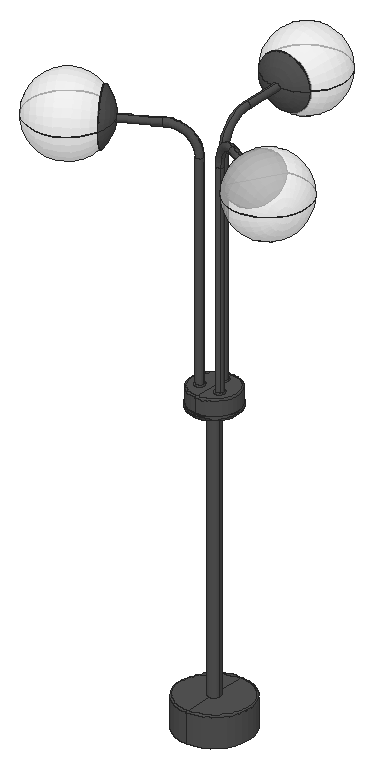
Revit family "AFX-Metropolitan-Pendant", category Lighting Fixtures, host Face, Revit 2022
Family settings
  Host = Face
  Round Connector Dimension = Use Diameter
  Part Type = Normal
  Cut with Voids When Loaded = No
  Light Source = No
  Maintain Annotation Orientation = No
  Shared = No
  Room Calculation Point = No
Parameters (values of type "METP27")
  Wattage Comments = "30W"
  Voltage = 120 V
  URL = "https://www.afxinc.com/"
  Type Comments = "Metropolitan"  # constant formula
  Sustainability = "https://lamprecycle.org/en/"
  Support Finish = AFX - Paint Black
  Revit Model Built By = "https://www.servex-us.com/servex-revit/"
  Product Documentation Link = "https://www.afxinc.com/products/productDetail.cfm?productID=1649"
  Power Factor = 1
  Model = "METP27"  # constant formula
  Manufacturer = "AFX Inc"  # constant formula
  Keynote = "12500"  # constant formula
  Height Adjustable [instance] = 40 37/64"
  Height = 21"
  Adjustable Height (Range) [instance] = if(and(Height Adjustable > 27 29/32", Height Adjustable < 59"), "28 - 60 Pulg Max", "Not Range")  # "28 - 60 Pulg Max"
  Adj [instance] = if(and(Height Adjustable < 28 29/32"), 28 31/32", if(and(Height Adjustable < 60"), Height Adjustable, 60"))  # 40 37/64"
  Diffuser Finish = AFX - Diffuser
  Diameter = 27"
  Description = "LED Pendant - 27\" Dia x 21\"H"
  Default Elevation = 48"
  Canopy Finish = AFX - Paint Black
  Assembly Code = "D5020200"
  Apparent Load = 0 VA
Reference planes (in)
  plane 1 "Center (Front/Back)": y = 0
  plane 2: z = 0
  plane 3 "Center (Left/Right)": x = 0
  plane 4: z = 19.57812
  plane 5: z = 40.57812
  plane 6: x = -13.5
  plane 7: x = 13.5
  plane 8: y = 13.5
  plane 9: y = -13.5
Forms (in)
  Revolve 1, solid, material "AFX - Paint Black" <- "Canopy Finish"
    sketch origin (0, 0, 0) x (0, 1, 0) y (0, 0, 1)
      loop
        arc (-1.49694, 20.78285) -> (-1.552, 20.76004) -> (-1.5748, 20.70499) r 0.07786
        line (-1.5748, 20.70499) -> (-1.5748, 19.77498) -> (-1.63386, 19.77498) -> (-1.63386, 19.61708)
        arc (-1.63386, 19.61708) -> (-1.62245, 19.58954) -> (-1.5949, 19.57813) r 0.03896
        line (-1.5949, 19.57813) -> (0, 19.57813) -> (0, 20.78285) -> (-1.49694, 20.78285)
      axis (0, 20.78285) -> (0, 19.57813)
    angle from 0 to 360
  Revolve 2, solid, material "AFX - Paint Black" <- "Support Finish"
    sketch origin (0, 0, 0) x (1, 0, 0) y (0, 0, 1)
      loop
        line (0.37402, 19.57813) -> (0, 19.57813) -> (0, 1.9685) -> (0.37402, 1.9685) -> (0.37402, 19.57813)
      axis (0, 19.57813) -> (0, 1.9685)
    angle from 0 to 360
  Sweep 3, solid, material "AFX - Paint Black" <- "Support Finish"
    path origin (0, 0, 0) x (0, 1, 0) y (0, 0, 1)
      loop
        line (0.55727, 20.86159) -> (0.55727, 34.66914)
        arc (0.55727, 34.66914) -> (1.20126, 36.22386) -> (2.75598, 36.86785) r 2.19871
        line (2.75598, 36.86785) -> (5.26918, 36.86785)
    profile origin (0, 0.55727, 27.76537) x (0, -1, 0) y (1, 0, 0)
      loop
        circle (-0.22962, 0) r 0.22962
  Sweep 4, solid, material "AFX - Paint Black" <- "Support Finish"
    path origin (-4.56325, -2.63459, 48) x (-0.866025, -0.5, 0) y (0, 0, 1)
      loop
        line (-4.71209, -27.13841) -> (-4.71209, -13.33139)
        arc (-4.71209, -13.33139) -> (-4.06795, -11.7763) -> (-2.51286, -11.13216) r 2.19924
        line (-2.51286, -11.13216) -> (0, -11.13216)
    profile origin (-0.48245, -0.27854, 27.7651) x (0.866025, 0.5, 0) y (-0.5, 0.866025, 0)
      loop
        circle (-0.23037, 0) r 0.23037
  Sweep 5, solid, material "AFX - Paint Black" <- "Support Finish"
    path origin (4.56325, -2.63459, 48) x (0.866025, -0.5, 0) y (0, 0, 1)
      loop
        line (-4.7121, -27.13841) -> (-4.7121, -13.43806)
        arc (-4.7121, -13.43806) -> (-4.06741, -11.88165) -> (-2.511, -11.23696) r 2.2011
        line (-2.511, -11.23696) -> (0, -11.23696)
    profile origin (0.48245, -0.27854, 27.71176) x (0.866025, -0.5, 0) y (0.5, 0.866025, 0)
      loop
        circle (0.23034, 0) r 0.2303
  Revolve 6, solid, material "AFX - Paint Black" <- "Support Finish"
    sketch origin (0, 0.78687, 0) x (1, 0, 0) y (0, 0, 1)
      loop
        line (0, 20.8616) -> (0, 20.78286) -> (0.26968, 20.78286)
        arc (0.26968, 20.78286) -> (0.30905, 20.82223) -> (0.26968, 20.8616) r 0.03937
        line (0.26968, 20.8616) -> (0, 20.8616)
      axis (0, 20.8616) -> (0, 20.78286)
    angle from 0 to 360
  Revolve 7, solid, material "AFX - Paint Black" <- "Support Finish"
    sketch origin (-4.56325, -2.63459, 48) x (-0.866025, -0.5, 0) y (0, 0, 1)
      loop
        line (-4.48172, -27.13841) -> (-4.75142, -27.13841)
        arc (-4.75142, -27.13841) -> (-4.79079, -27.17778) -> (-4.75142, -27.21715) r 0.03937
        line (-4.75142, -27.21715) -> (-4.48172, -27.21715) -> (-4.48172, -27.13841)
      axis (-4.48172, -27.21715) -> (-4.48172, -27.13841)
    angle from 0 to 360
  Revolve 8, solid, material "AFX - Paint Black" <- "Support Finish"
    sketch origin (4.56325, -2.63459, 48) x (0.866025, -0.5, 0) y (0, 0, 1)
      loop
        line (-4.48176, -27.13841) -> (-4.48176, -27.21715) -> (-4.21206, -27.21715)
        arc (-4.21206, -27.21715) -> (-4.17269, -27.17778) -> (-4.21206, -27.13841) r 0.03937
        line (-4.21206, -27.13841) -> (-4.48176, -27.13841)
      axis (-4.48176, -27.21715) -> (-4.48176, -27.13841)
    angle from 0 to 360
  Revolve 9, solid, material "AFX - Paint Black" <- "Canopy Finish"
    sketch origin (0, 0, 0) x (0, 1, 0) y (0, 0, 1)
      loop
        line (-2.3622, 0) -> (0, 0) -> (0, 1.9685) -> (-2.28381, 1.9685)
        arc (-2.28381, 1.9685) -> (-2.33924, 1.94554) -> (-2.3622, 1.89011) r 0.07839
        line (-2.3622, 1.89011) -> (-2.3622, 0)
      axis (0, 1.9685) -> (0, 0)
    angle from 0 to 360
Lines and regions (in)
  symbolic lines, style "LightingFixtures"
    curve 1: line (-4.67843, -2.43508, 0) -> (-2.15116, -0.97596, 0)
    curve 2: line (-4.44806, -2.8341, 0) -> (-1.92079, -1.37498, 0)
    curve 6: line (4.67843, -2.43508, 0) -> (2.15116, -0.97596, 0)
  symbolic lines, style "LightingFixturesHiddenLines", detail levels medium+fine
    curve 3: line (-2.15116, -0.97596, 0) -> (-0.79686, -0.19405, 0)
    curve 4: line (-1.92079, -1.37498, 0) -> (-0.56648, -0.59307, 0)
    curve 5: arc (-0.79686, -0.19405, 0) -> (-0.48216, -0.27838, 0) -> (-0.56648, -0.59307, 0) r 0.23037
    curve 7: line (2.15116, -0.97596, 0) -> (0.79686, -0.19405, 0)
    curve 8: line (1.92079, -1.37498, 0) -> (0.56648, -0.59307, 0)
    curve 9: arc (0.79686, -0.19405, 0) -> (0.48216, -0.27838, 0) -> (0.56648, -0.59307, 0) r 0.23037
    curve 12: line (-0.22962, 2.35102, 0) -> (-0.22962, 0.78708, 0)
    curve 13: line (0.22962, 2.35102, 0) -> (0.22962, 0.78708, 0)
    curve 14: arc (-0.22962, 0.78708, 0) -> (0, 0.55746, 0) -> (0.22962, 0.78708, 0) r 0.22962
    curve 16: circle (0, 0, 0) r 1.63386 normal (0, 0, 1)
  symbolic lines
    curve 10: line (-0.22962, 5.26918, 0) -> (-0.22962, 2.35102, 0)
    curve 11: line (0.22962, 5.26918, 0) -> (0.22962, 2.35102, 0)
    curve 15: line (1.92079, -1.37498, 0) -> (4.44806, -2.8341, 0)
Dimensions and locks (in)
  "Height": plane 5 to plane 4
  "Adj": plane 5 to plane 2
  Revolve 1 sketch curve to Revolve 1 sketch curve to Revolve 1 sketch curve to plane 4 = 0.93001" locked, 0.15789" locked, 0.03896" locked
  locked: Revolve 2 sketch curve to plane 2 at 1.9685
  locked: Revolve 2 sketch curve to plane 3 "Center (Left/Right)" at 0.37402
  equal spacing: plane 6, plane 3 "Center (Left/Right)", plane 7
  "Diameter": plane 6 to plane 7
  equal spacing: plane 9, plane 1 "Center (Front/Back)", plane 8
  "Diameter": plane 9 to plane 8
  locked: plane 5 to Sweep 3 sketch curve at 5.90898
  Sweep 4 sketch curve to Sweep 4 sketch curve to plane 4 = 13.80702" locked, 1.28346" locked
  Sweep 5 sketch curve to plane 4 = 14.98381"
  locked: Revolve 6 sketch curve to plane 4 at 1.2441
  locked: Sweep 3 sketch curve to plane 4 at 1.28346
  Sweep 5 sketch curve to Sweep 5 sketch curve to plane 4 = 13.70035" locked, 1.28346" locked
  locked: Revolve 7 sketch curve to plane 4 at 1.24409
  locked: Revolve 8 sketch curve to plane 4 at 1.24409
  locked: Revolve 7 sketch curve to Revolve 7 sketch curve at 0.2697
  locked: Revolve 9 sketch curve to plane 2 at 1.89011
  locked: plane 5 to nested 3 at 3.94
  aligned and locked: plane 2 to host face
  aligned and locked: level to host face
  aligned and locked: Revolve 1 sketch curve to plane 4
  aligned and locked: Revolve 1 sketch curve to plane 1 "Center (Front/Back)"  (x2)
  aligned and locked: Revolve 2 sketch curve to plane 3 "Center (Left/Right)"
  aligned and locked: Revolve 2 sketch curve to plane 4
  aligned and locked: plane 3 "Center (Left/Right)" to Revolve 2 sketch curve
  aligned and locked: Revolve 6 sketch curve to plane 3 "Center (Left/Right)"  (x2)
  aligned and locked: Revolve 8 sketch curve to Revolve 8 sketch curve
  aligned and locked: Revolve 9 sketch curve to plane 1 "Center (Front/Back)"  (x2)
  aligned and locked: plane 2 to Revolve 9 sketch curve
Automatic sketch dimensions
  host sketch curve to host sketch curve = 96"  (x2)
  plane 1 "Center (Front/Back)" to Revolve 1 sketch curve = 1.49694"
  Revolve 1 sketch curve to Revolve 1 sketch curve = 0.07786"
  Revolve 1 sketch curve to Revolve 1 sketch curve = 0.0201"
  Revolve 1 sketch curve to plane 4 = 1.35468"
  Revolve 1 sketch curve to Revolve 1 sketch curve = 1.19059"
  Revolve 2 sketch curve to level = 4.41964"
  Revolve 2 sketch curve to Revolve 2 sketch curve = 4 1/4"
  Sweep 3 sketch curve to plane 3 "Center (Left/Right)" = 0"
  profile plane to Sweep 3 sketch curve = 0.22962"
  profile plane to Sweep 4 sketch curve = 0.23037"
  Sweep 5 sketch curve to profile plane = 0.23034"
  plane 3 "Center (Left/Right)" to Revolve 6 sketch curve = 0.26968"
  Revolve 6 sketch curve to Revolve 6 sketch curve = 0.03937"
  Revolve 6 sketch curve to Revolve 6 sketch curve = 0.33747"
  Revolve 6 sketch curve to Revolve 6 sketch curve = 0.37089"
  Sweep 3 sketch curve to plane 1 "Center (Front/Back)" = 0.55727"
  Sweep 3 sketch curve to Sweep 3 sketch curve = 2.19871"
  Sweep 3 sketch curve to Sweep 3 sketch curve = 2.5132"
  Sweep 4 sketch curve to Sweep 4 sketch curve = 2 51/256"
  Sweep 4 sketch curve to Sweep 4 sketch curve = 2.51286"
  Sweep 5 sketch curve to Sweep 5 sketch curve = 2.2011"
  Sweep 5 sketch curve to Sweep 5 sketch curve = 2.511"
  Revolve 7 sketch curve to Revolve 7 sketch curve = 0"
  Revolve 7 sketch curve to Revolve 7 sketch curve = 0.28036"
  Revolve 8 sketch curve to Revolve 8 sketch curve = 0.2697"
  Revolve 8 sketch curve to Revolve 8 sketch curve = 0.18231"
  plane 4 to Revolve 7 sketch curve = 1.20472"
  Revolve 7 sketch curve to Revolve 7 sketch curve = 0.31756"
  Revolve 8 sketch curve to plane 4 = 1.28346"
  Revolve 8 sketch curve to Revolve 8 sketch curve = 0.12543"
  Revolve 9 sketch curve to Revolve 9 sketch curve = 2.28381"
  Revolve 9 sketch curve to Revolve 9 sketch curve = 0.07839"
  Revolve 9 sketch curve to Revolve 9 sketch curve = 1.39532"
  Revolve 9 sketch curve to Revolve 9 sketch curve = 1.88618"
  Sweep 4 sketch curve to profile plane = 0"
  Sweep 5 sketch curve to profile plane = 0"
  curve 14 to plane 3 "Center (Left/Right)" = 0"
  plane 1 "Center (Front/Back)" to curve 16 = 0"
  curve 16 to plane 3 "Center (Left/Right)" = 0"
  curve 10 to plane 3 "Center (Left/Right)" = 0.22962"
  curve 4 to plane 3 "Center (Left/Right)" = 0.56648"
  curve 5 to curve 4 = 0.11519"
  plane 1 "Center (Front/Back)" to curve 3 = 0.19405"
  curve 3 to curve 5 = 0.11519"
  curve 2 to curve 5 = 1.35431"
  plane 1 "Center (Front/Back)" to curve 1 = 0.97596"
  curve 1 to curve 2 = 0.23037"  (x2)
  plane 3 "Center (Left/Right)" to curve 8 = 0.56648"
  curve 9 to curve 9 = 0.11519"
  plane 1 "Center (Front/Back)" to curve 7 = 0.19405"
  curve 9 to curve 7 = 0.11519"
  curve 9 to curve 8 = 1.35431"
  plane 1 "Center (Front/Back)" to curve 6 = 0.97596"
  curve 8 to curve 6 = 0.23037"
  curve 8 to curve 6 = 0.39902"
  curve 4 to curve 1 = 0.39902"
  curve 8 to curve 7 = 0.39902"
  curve 4 to curve 3 = 0.39902"
  curve 12 to plane 1 "Center (Front/Back)" = 0.78708"
  curve 13 to curve 11 = 1.56394"
  curve 10 to curve 11 = 0"  (x2)
  curve 2 to curve 2 = 2.52727"
  curve 8 to curve 15 = 2.52727"
  curve 15 to curve 6 = 0.23037"
  plane 1 "Center (Front/Back)" to curve 1 = 2.43508"
  plane 1 "Center (Front/Back)" to curve 6 = 2.43508"
  curve 15 to curve 6 = 0.39902"
  curve 2 to curve 1 = 0.39902"
  curve 10 to curve 10 = 2.91817"
  radius of Sweep 3 sketch curve = 0.22962"
  radius of Sweep 4 sketch curve = 0.23037"
  radius of Sweep 5 sketch curve = 0.2303"
  radius of curve 16 = 1.63386"
Nested families (in)
  nested 1: "Lighting" at (-4.56141, -2.63778, 36.64296) x (-0.5, 0.866, 0) z (-0.866, -0.5, 0), Diffuser Finish <- "Diffuser Finish", Support Finish <- "Support Finish", type "Lighting"
    with Support Finish AFX - Paint Black, Diffuser Finish AFX - Diffuser
  nested 2: "Lighting" at (4.56556, -2.63058, 36.52141) x (0.5, 0.866, 0) z (0.866, -0.5, 0), Diffuser Finish <- "Diffuser Finish", Support Finish <- "Support Finish", type "Lighting"
    with Support Finish AFX - Paint Black, Diffuser Finish AFX - Diffuser
  nested 3: "Lighting" at (0.00403, 5.26918, 36.63812) x (1, 0, 0) z (0, 1, 0), Diffuser Finish <- "Diffuser Finish", Support Finish <- "Support Finish", type "Lighting"
    with Support Finish AFX - Paint Black, Diffuser Finish AFX - Diffuser
Connectors (in)
  electrical at (0, 0, 0), driven by "Voltage", driven by "Apparent Load", driven by "Power Factor"
    settings: on Revolve 9, index 1, voltage 120 V, apparent load 0 VA, apparent load phase1 0 VA, apparent load phase2 0 VA, apparent load phase3 0 VA, power factor 1, load classification "Lighting", number of poles 1, system type 31, power factor state 1, is connector primary yes, connector utility no, sub classification motor no, connector description ""
Definition of nested family "Lighting"
  Parameters (values of type "Lighting")
    Wattage = 30 W
    built-in parameter 1150110 = 1 (stored number, unit not read)
    built-in parameter 1114217 = 1 (stored number, unit not read)
    Tilt Angle = 90.00°
    built-in parameter 1150109 = 1 (stored number, unit not read)
    built-in parameter 1150134 = (empty or 0)
    built-in parameter 1150113 = 1 (stored number, unit not read)
    Support Finish [instance] = none
    Photometric Web File = "METP27LxxD1xx.IES"
    built-in parameter 1150105 = 6050.8 (stored number, unit not read)
    Lumens = 66000 lm
    built-in parameter 1150115 = 1 (stored number, unit not read)
    built-in parameter 1150137 = (empty or 0)
    built-in parameter 1150139 = (empty or 0)
    built-in parameter 1150112 = 1 (stored number, unit not read)
    built-in parameter 1150114 = 1 (stored number, unit not read)
    built-in parameter 1150132 = (empty or 0)
    built-in parameter 1150102 = (empty or 0)
    built-in parameter 1150107 = 3000 (stored number, unit not read)
    built-in parameter 1150138 = (empty or 0)
    built-in parameter 1150106 = 60.508 (stored number, unit not read)
    Emit from Circle Diameter = 5"
    Emit Shape Visible in Rendering = no
    built-in parameter 1150104 = 204.39 (stored number, unit not read)
    Dimming Lamp Color Temperature Shift = (empty or 0)
    Diffuser Finish [instance] = none
    Default Elevation = 48"
    Color Filter = 16777215
    built-in parameter 1114218 = 1 (stored number, unit not read)
    built-in parameter 1150133 = 10 (stored number, unit not read)
  Reference planes (in)
    plane 1 "Center (Front/Back)": y = 0
    plane 2: z = 0
    plane 3 "Center (Left/Right)": x = 0
  Forms (in)
    Extrusion 1, solid
      sketch origin (0, 0, 0) x (1, 0, 0) y (0, 1, 0)
        loop
          line (-48, 48) -> (-48, -48) -> (48, -48) -> (48, 48) -> (-48, 48)
      from 0 to -12
    Revolve 2, solid, material <- "Support Finish"
      sketch origin (0, 0, 0) x (1, 0, 0) y (0, 0, 1)
        loop
          line (0, 0) -> (0.19976, 0)
          arc (0.19976, 0) -> (1.04676, 0.21575) -> (1.77125, 0.70472) r 2.55144
          line (1.77125, 0.70472) -> (1.77125, 0.73743) -> (0, 0.73743) -> (0, 0)
        axis (0, 0.73743) -> (0, 0)
      angle from 0 to 360
    Revolve 3, solid, material <- "Diffuser Finish"
      sketch origin (0, 0, 0) x (1, 0, 0) y (0, 0, 1)
        loop
          arc (1.76377, 0.73743) -> (2.37436, 3.53937) -> (0, 5.14752) r 2.55806
          line (0, 5.14752) -> (0, 0.73743) -> (1.76377, 0.73743)
        axis (0, 5.14752) -> (0, 0.73743)
      angle from 0 to 360
  Lines and regions (in)
    symbolic lines
      curve 1: arc (1.76377, 0, 0.73743) -> (0, 0, 5.14854) -> (-1.76377, 0, 0.73743) r 2.55817
      curve 2: line (-1.77125, 0, 0.73743) -> (1.77125, 0, 0.73743)
      curve 3: line (1.77125, 0, 0.73743) -> (1.77125, 0, 0.70472)
      curve 4: line (-1.77125, 0, 0.73743) -> (-1.77125, 0, 0.70472)
      curve 5: line (0.19976, 0, 0) -> (-0.19976, 0, 0)
      curve 6: arc (-0.19976, 0, 0) -> (-1.04687, 0, 0.21552) -> (-1.77125, 0, 0.70472) r 2.54738
      curve 7: arc (1.77125, 0, 0.70472) -> (1.0469, 0, 0.21544) -> (0.19976, 0, 0) r 2.54599
  Dimensions and locks (in)
    aligned and locked: plane 2 to Extrusion 1
    aligned and locked: level to Extrusion 1
